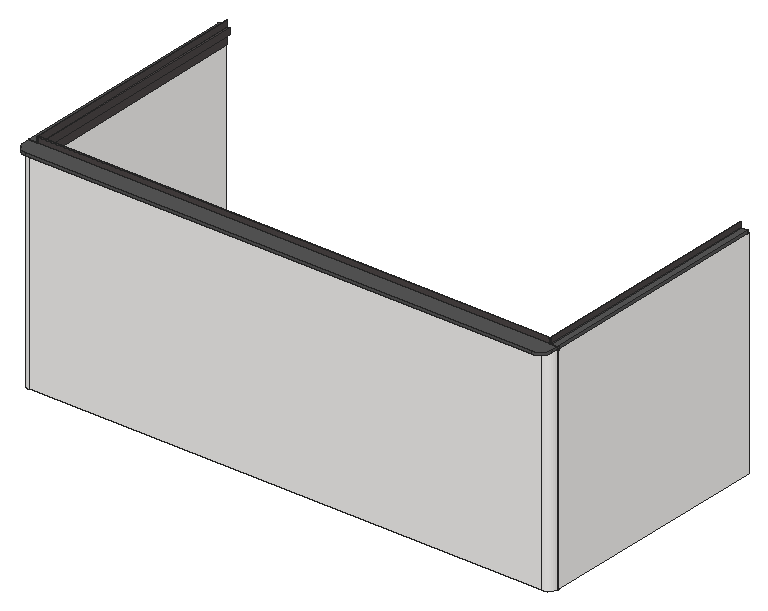
Revit family "vanity unit with 1 drawers for consoles with countertop basin ground", category Furniture, Revit 2019 (continued)
Definition of nested family "vanity unit 980_550 with 1 drawer for consoles with countertop basin ground-54059670-diamond matt grey-matt_black-400_co"
  Forms (mm)
    Extrusion 6, solid, visible <- "ContentVisible", detail levels medium+fine
      sketch origin (0, 0, 480) x (1, 0, 0) y (0, 1, 0)
        loop
          line (-463.5, -571) -> (463.5, -571)
          arc (463.5, -571) -> (481.178, -563.678) -> (488.5, -546) r 25
          line (488.5, -546) -> (488.5, -530) -> (468.5, -530) -> (468.5, -528.5) -> (-468.5, -528.5) -> (-468.5, -530) -> (-488.5, -530)
      from 0 to 5
    Extrusion 7, solid, visible <- "ContentVisible", detail levels medium+fine
      sketch origin (0, 0, 0) x (0, 0, -1) y (0, 1, 0)
        loop
          line (-480, -528.5) -> (-480, -530) -> (-450, -530) -> (-450, -528.5) -> (-480, -528.5)
      from -468.5 to 468.5
    Extrusion 8, solid, visible <- "ContentVisible", detail levels medium+fine
      sketch origin (0, 0, 0) x (1, 0, 0) y (0, 0, -1)
        loop
          line (-474, -447) -> (-474, -485) -> (-472.5, -485) -> (-472.5, -447) -> (-474, -447)
      from -530 to 0
    Extrusion 9, solid, visible <- "ContentVisible", detail levels medium+fine
      sketch origin (0, 0, 0) x (1, 0, 0) y (0, 0, -1)
        loop
          line (472.5, -446.8) -> (472.5, -485) -> (474, -485) -> (474, -446.8) -> (472.5, -446.8)
      from -530 to 0
    Extrusion 10, solid, visible <- "ContentVisible", detail levels medium+fine
      sketch origin (0, 0, 480) x (1, 0, 0) y (0, 1, 0)
        loop
          line (-490, -3) -> (-490, -527)
          arc (-490, -527) -> (-489.121, -529.121) -> (-487, -530) r 3
          line (-487, -530) -> (-474, -530) -> (-474, 0) -> (-487, 0)
          arc (-487, 0) -> (-489.121, -0.879) -> (-490, -3) r 3
      from 0 to 5
    Extrusion 11, solid, visible <- "ContentVisible", detail levels medium+fine
      sketch origin (0, 0, 480) x (1, 0, 0) y (0, 1, 0)
        loop
          line (474, 0) -> (474, -530) -> (487, -530)
          arc (487, -530) -> (489.121, -529.121) -> (490, -527) r 3
          line (490, -527) -> (490, -3)
          arc (490, -3) -> (489.121, -0.879) -> (487, 0) r 3
          line (487, 0) -> (474, 0)
      from 0 to 5
    Extrusion 12, solid, visible <- "ContentVisible", detail levels medium+fine
      sketch origin (0, 0, 0) x (1, 0, 0) y (0, 0, -1)
        loop
          line (-472.5, -447) -> (-472.5, -496) -> (-471, -496) -> (-471, -483) -> (-466.4, -483) -> (-466.4, -468.5) -> (-471, -468.5) -> (-471, -447) -> (-472.5, -447)
      from -528.5 to 0
    Extrusion 13, solid, visible <- "ContentVisible", detail levels medium+fine
      sketch origin (0, 0, 0) x (1, 0, 0) y (0, 0, -1)
        loop
          line (466.4, -468.5) -> (466.4, -483) -> (471, -483) -> (471, -496) -> (472.5, -496) -> (472.5, -447) -> (471, -447) -> (471, -468.5) -> (466.4, -468.5)
      from -528.5 to 0
    Extrusion 14, solid, visible <- "ContentVisible", detail levels medium+fine
      sketch origin (0, 0, 0) x (0, 0, -1) y (0, 1, 0)
        loop
          line (-496, -528.5) -> (-447, -528.5) -> (-447, -527) -> (-468.5, -527) -> (-468.5, -522.4) -> (-483, -522.4) -> (-483, -527) -> (-496, -527) -> (-496, -528.5)
      from -472.5 to 472.5
    Extrusion 15, solid, visible <- "ContentVisible", detail levels medium+fine
      sketch origin (0, 0, 0) x (0, 0, -1) y (0, 1, 0)
        loop
          line (-440, -477) -> (-440, -493) -> (-366, -493) -> (-366, -477) -> (-440, -477)
      from -474 to 474
    Extrusion 16, solid, visible <- "ContentVisible", detail levels coarse
      sketch origin (0, -285.5, 0) x (1, 0, 0) y (0, 1, 0)
        loop
          line (-490, -285.5) -> (490, -285.5) -> (490, 285.5) -> (-490, 285.5) -> (-490, -285.5)
      from 0 to 496
  Dimensions and locks
    aligned and locked: level to plane 2
Definition of nested family "vanity unit 980_550 with 1 drawer for consoles with countertop basin ground-54059700-diamond matt grey-matt_white-200_co"
  Parameters (values of type "Vanity unit 980_550 with 1 drawer for consoles with countertop basin ground-54059700-Diamond Matt Grey-MATT_WHITE-200_Co")
    etim7_EC011381 = "EC011381"
    WEIGHT = "30.2"
    UNSPSC = "56 | Furniture and Furnishings"
    UNIFORMATII = "E2010 | Fixed Furnishings"
    UNICLASS_2015_CODE = "40_30_78_05"
    UNICLASS2015 = "Pr_40_30_78_05 | Bathroom furniture"
    SURFACE = "MATT_WHITE"
    REGIONSET = "Worldwide"
    PRODUCTURL = "https://pro.hansgrohe.com/articledetail--54059000"
    PRODUCTGROUP = "vanity unit"
    PRODUCTFAMILY = "Xelu Q"
    PERMALINK = "54059XXX"
    OMNICLASS = "23-21 19 15 33 13 | Residential Bathroom Specialty Casework"
    OBJECTTYPE = "Object (single object)"
    OBERFLAECHE = "Diamond Matt Grey"
    NN = "Vanity Unit with 1 Drawers for consoles with countertop basin ground"
    NBSYN = "$BASENUMBER.-$ARTNR.-$OBERFLAECHE.-$SURFACE.-$LODLEVEL."
    NB = "Vanity unit 980/550 with 1 drawer for consoles with countertop basin ground-54059700-Diamond Matt Grey-MATT_WHITE-200"
    NAME = "Xelu Q Vanity unit Diamond Matt Grey 980/550 with 1 drawer for consoles with countertop basin ground"
    Model = "Vanity unit 980/550 with 1 drawer for consoles with countertop basin ground-54059700-Diamond Matt Grey-MATT_WHITE-200"
    Manufacturer = "Hansgrohe"
    MASTERFORMAT = "12 35 30.23 | Bathroom Casework"
    LODLEVEL = "200"
    LINA = "Vanity unit 980/550 with 1 drawer for consoles with countertop basin ground-54059700-Diamond Matt Grey-MATT_WHITE-200"
    L = 980
    IFC = "Furnishing element"
    GTINCODE = "4059625456187"
    ETIM = "EC011381 | Bathroom furniture set"
    Default Elevation = 1219.2 mm
    DESIGN = "Germany"
    ContentVisible [instance] = yes
    CATALOG = "Hansgrohe"
    BIMOBJECT = "Sanitary: Compound units"
    BASENUMBER = "Vanity unit 980/550 with 1 drawer for consoles with countertop basin ground"
    ARTNR = "54059700"
  Reference planes
    plane 1 "Center (Front/Back)": y = 0
    plane 2: z = 0
    plane 3 "Center (Left/Right)": x = 0
  Forms (mm)
    Extrusion 1, solid, visible <- "ContentVisible", detail levels medium+fine
      sketch origin (0, 0, 0) x (1, 0, 0) y (0, 1, 0)
        loop
          line (-490, 0) -> (-490, -551) -> (490, -551) -> (490, 0) -> (474, 0) -> (474, -117) -> (-474, -117) -> (-474, 0) -> (-490, 0)
      from 0 to 480
    Extrusion 2, solid, visible <- "ContentVisible", detail levels medium+fine
      sketch origin (0, 0, 480) x (1, 0, 0) y (0, 1, 0)
        loop
          line (-488.5, -528.5) -> (-488.5, -571) -> (488.5, -571) -> (488.5, -528.5) -> (-488.5, -528.5)
      from 0 to 5
    Extrusion 3, solid, visible <- "ContentVisible", detail levels medium+fine
      sketch origin (0, 0, 0) x (1, 0, 0) y (0, 0, -1)
        loop
          line (-474, -447) -> (-474, -485) -> (-472.5, -485) -> (-472.5, -447) -> (-474, -447)
      from -530 to 0
    Extrusion 4, solid, visible <- "ContentVisible", detail levels medium+fine
      sketch origin (0, 0, 0) x (1, 0, 0) y (0, 0, -1)
        loop
          line (472.5, -446.8) -> (472.5, -485) -> (474, -485) -> (474, -446.8) -> (472.5, -446.8)
      from -530 to 0
    Extrusion 5, solid, visible <- "ContentVisible", detail levels medium+fine
      sketch origin (0, 0, 480) x (1, 0, 0) y (0, 1, 0)
        loop
          line (-490, 0) -> (-490, -530) -> (-474, -530) -> (-474, 0) -> (-490, 0)
      from 0 to 5
    Extrusion 6, solid, visible <- "ContentVisible", detail levels medium+fine
      sketch origin (0, 0, 480) x (1, 0, 0) y (0, 1, 0)
        loop
          line (474, 0) -> (474, -530) -> (490, -530) -> (490, 0) -> (474, 0)
      from 0 to 5
    Extrusion 7, solid, visible <- "ContentVisible", detail levels medium+fine
      sketch origin (0, 0, 0) x (1, 0, 0) y (0, 0, -1)
        loop
          line (-472.5, -447) -> (-472.5, -496) -> (-466.4, -496) -> (-466.4, -447) -> (-472.5, -447)
      from -528.5 to 0
    Extrusion 8, solid, visible <- "ContentVisible", detail levels medium+fine
      sketch origin (0, 0, 0) x (1, 0, 0) y (0, 0, -1)
        loop
          line (466.4, -447) -> (466.4, -496) -> (472.5, -496) -> (472.5, -447) -> (466.4, -447)
      from -528.5 to 0
    Extrusion 9, solid, visible <- "ContentVisible", detail levels medium+fine
      sketch origin (0, 0, 0) x (0, 0, -1) y (0, 1, 0)
        loop
          line (-496, -528.5) -> (-447, -528.5) -> (-447, -522.4) -> (-496, -522.4) -> (-496, -528.5)
      from -472.5 to 472.5
    Extrusion 10, solid, visible <- "ContentVisible", detail levels coarse
      sketch origin (0, -285.5, 0) x (1, 0, 0) y (0, 1, 0)
        loop
          line (-490, -285.5) -> (490, -285.5) -> (490, 285.5) -> (-490, 285.5) -> (-490, -285.5)
      from 0 to 496
  Dimensions and locks
    aligned and locked: level to plane 2
Definition of nested family "vanity unit 980_550 with 1 drawer for consoles with countertop basin ground-54059700-diamond matt grey-matt_white-400_co"
  Parameters (values of type "Vanity unit 980_550 with 1 drawer for consoles with countertop basin ground-54059700-Diamond Matt Grey-MATT_WHITE-400_Co")
    etim7_EC011381 = "EC011381"
    WEIGHT = "30.2"
    UNSPSC = "56 | Furniture and Furnishings"
    UNIFORMATII = "E2010 | Fixed Furnishings"
    UNICLASS_2015_CODE = "40_30_78_05"
    UNICLASS2015 = "Pr_40_30_78_05 | Bathroom furniture"
    SURFACE = "MATT_WHITE"
    REGIONSET = "Worldwide"
    PRODUCTURL = "https://pro.hansgrohe.com/articledetail--54059000"
    PRODUCTGROUP = "vanity unit"
    PRODUCTFAMILY = "Xelu Q"
    PERMALINK = "54059XXX"
    OMNICLASS = "23-21 19 15 33 13 | Residential Bathroom Specialty Casework"
    OBJECTTYPE = "Object (single object)"
    OBERFLAECHE = "Diamond Matt Grey"
    NN = "Vanity Unit with 1 Drawers for consoles with countertop basin ground"
    NBSYN = "$BASENUMBER.-$ARTNR.-$OBERFLAECHE.-$SURFACE.-$LODLEVEL."
    NB = "Vanity unit 980/550 with 1 drawer for consoles with countertop basin ground-54059700-Diamond Matt Grey-MATT_WHITE-400"
    NAME = "Xelu Q Vanity unit Diamond Matt Grey 980/550 with 1 drawer for consoles with countertop basin ground"
    Model = "Vanity unit 980/550 with 1 drawer for consoles with countertop basin ground-54059700-Diamond Matt Grey-MATT_WHITE-400"
    Manufacturer = "Hansgrohe"
    MASTERFORMAT = "12 35 30.23 | Bathroom Casework"
    LODLEVEL = "400"
    LINA = "Vanity unit 980/550 with 1 drawer for consoles with countertop basin ground-54059700-Diamond Matt Grey-MATT_WHITE-400"
    L = 980
    IFC = "Furnishing element"
    GTINCODE = "4059625456187"
    ETIM = "EC011381 | Bathroom furniture set"
    Default Elevation = 1219.2 mm
    DESIGN = "Germany"
    ContentVisible [instance] = yes
    CATALOG = "Hansgrohe"
    BIMOBJECT = "Sanitary: Compound units"
    BASENUMBER = "Vanity unit 980/550 with 1 drawer for consoles with countertop basin ground"
    ARTNR = "54059700"
  Reference planes
    plane 1 "Center (Front/Back)": y = 0
    plane 2: z = 0
    plane 3 "Center (Left/Right)": x = 0
  Forms (mm)
    Extrusion 1, solid, visible <- "ContentVisible", detail levels medium+fine
      sketch origin (0, 0, 0) x (1, 0, 0) y (0, 1, 0)
        loop
          line (-490, 0) -> (-490, -527)
          arc (-490, -527) -> (-489.121, -529.121) -> (-487, -530) r 3
          line (-487, -530) -> (-474, -530) -> (-474, 0) -> (-490, 0)
      from 0 to 480
    Extrusion 2, solid, visible <- "ContentVisible", detail levels medium+fine
      sketch origin (0, 0, 0) x (1, 0, 0) y (0, 1, 0)
        loop
          line (-474, -133) -> (-474, -499.5) -> (474, -499.5) -> (474, -133) -> (-474, -133)
      from 0 to 16
    Extrusion 3, solid, visible <- "ContentVisible", detail levels medium+fine
      sketch origin (0, 0, 0) x (1, 0, 0) y (0, 1, 0)
        loop
          line (474, 0) -> (474, -530) -> (487, -530)
          arc (487, -530) -> (489.121, -529.121) -> (490, -527) r 3
          line (490, -527) -> (490, 0) -> (474, 0)
      from 0 to 480
    Extrusion 4, solid, visible <- "ContentVisible", detail levels medium+fine
      sketch origin (0, 0, 0) x (1, 0, 0) y (0, 1, 0)
        loop
          line (-474, -117) -> (-474, -133) -> (474, -133) -> (474, -117) -> (-474, -117)
      from 0 to 126
    Extrusion 5, solid, visible <- "ContentVisible", detail levels medium+fine
      sketch origin (0, 0, 2) x (1, 0, 0) y (0, 1, 0)
        loop
          line (-490, -530) -> (-490, -532)
          arc (-490, -532) -> (-484.435, -545.435) -> (-471, -551) r 19
          line (-471, -551) -> (471, -551)
          arc (471, -551) -> (484.435, -545.435) -> (490, -532) r 19
          line (490, -532) -> (490, -530) -> (-490, -530)
      from 0 to 478
    Extrusion 6, solid, visible <- "ContentVisible", detail levels medium+fine
      sketch origin (0, 0, 480) x (1, 0, 0) y (0, 1, 0)
        loop
          line (-488.5, -530) -> (-488.5, -546)
          arc (-488.5, -546) -> (-481.178, -563.678) -> (-463.5, -571) r 25
          line (-463.5, -571) -> (463.5, -571)
          arc (463.5, -571) -> (481.178, -563.678) -> (488.5, -546) r 25
          line (488.5, -546) -> (488.5, -530) -> (468.5, -530) -> (468.5, -528.5) -> (-468.5, -528.5) -> (-468.5, -530) -> (-488.5, -530)
      from 0 to 5
    Extrusion 7, solid, visible <- "ContentVisible", detail levels medium+fine
      sketch origin (0, 0, 0) x (0, 0, -1) y (0, 1, 0)
        loop
          line (-480, -528.5) -> (-480, -530) -> (-450, -530) -> (-450, -528.5) -> (-480, -528.5)
      from -468.5 to 468.5
    Extrusion 8, solid, visible <- "ContentVisible", detail levels medium+fine
      sketch origin (0, 0, 0) x (1, 0, 0) y (0, 0, -1)
        loop
          line (-474, -447) -> (-474, -485) -> (-472.5, -485) -> (-472.5, -447) -> (-474, -447)
      from -530 to 0
    Extrusion 9, solid, visible <- "ContentVisible", detail levels medium+fine
      sketch origin (0, 0, 0) x (1, 0, 0) y (0, 0, -1)
        loop
          line (472.5, -446.8) -> (472.5, -485) -> (474, -485) -> (474, -446.8) -> (472.5, -446.8)
      from -530 to 0
    Extrusion 10, solid, visible <- "ContentVisible", detail levels medium+fine
      sketch origin (0, 0, 480) x (1, 0, 0) y (0, 1, 0)
        loop
          line (-490, -3) -> (-490, -527)
          arc (-490, -527) -> (-489.121, -529.121) -> (-487, -530) r 3
          line (-487, -530) -> (-474, -530) -> (-474, 0) -> (-487, 0)
          arc (-487, 0) -> (-489.121, -0.879) -> (-490, -3) r 3
      from 0 to 5
    Extrusion 11, solid, visible <- "ContentVisible", detail levels medium+fine
      sketch origin (0, 0, 480) x (1, 0, 0) y (0, 1, 0)
        loop
          line (474, 0) -> (474, -530) -> (487, -530)
          arc (487, -530) -> (489.121, -529.121) -> (490, -527) r 3
          line (490, -527) -> (490, -3)
          arc (490, -3) -> (489.121, -0.879) -> (487, 0) r 3
          line (487, 0) -> (474, 0)
      from 0 to 5
    Extrusion 12, solid, visible <- "ContentVisible", detail levels medium+fine
      sketch origin (0, 0, 0) x (1, 0, 0) y (0, 0, -1)
        loop
          line (-472.5, -447) -> (-472.5, -496) -> (-471, -496) -> (-471, -483) -> (-466.4, -483) -> (-466.4, -468.5) -> (-471, -468.5) -> (-471, -447) -> (-472.5, -447)
      from -528.5 to 0
    Extrusion 13, solid, visible <- "ContentVisible", detail levels medium+fine
      sketch origin (0, 0, 0) x (1, 0, 0) y (0, 0, -1)
        loop
          line (466.4, -468.5) -> (466.4, -483) -> (471, -483) -> (471, -496) -> (472.5, -496) -> (472.5, -447) -> (471, -447) -> (471, -468.5) -> (466.4, -468.5)
      from -528.5 to 0
    Extrusion 14, solid, visible <- "ContentVisible", detail levels medium+fine
      sketch origin (0, 0, 0) x (0, 0, -1) y (0, 1, 0)
        loop
          line (-496, -528.5) -> (-447, -528.5) -> (-447, -527) -> (-468.5, -527) -> (-468.5, -522.4) -> (-483, -522.4) -> (-483, -527) -> (-496, -527) -> (-496, -528.5)
      from -472.5 to 472.5
    Extrusion 15, solid, visible <- "ContentVisible", detail levels medium+fine
      sketch origin (0, 0, 0) x (0, 0, -1) y (0, 1, 0)
        loop
          line (-440, -477) -> (-440, -493) -> (-366, -493) -> (-366, -477) -> (-440, -477)
      from -474 to 474
    Extrusion 16, solid, visible <- "ContentVisible", detail levels coarse
      sketch origin (0, -285.5, 0) x (1, 0, 0) y (0, 1, 0)
        loop
          line (-490, -285.5) -> (490, -285.5) -> (490, 285.5) -> (-490, 285.5) -> (-490, -285.5)
      from 0 to 496
  Dimensions and locks
    aligned and locked: level to plane 2
Definition of nested family "vanity unit 980_550 with 1 drawer for consoles with countertop basin ground-54060000-natural oak-chrome-200_content"
  Parameters (values of type "Vanity unit 980_550 with 1 drawer for consoles with countertop basin ground-54060000-Natural Oak-CHROME-200_Content")
    etim7_EC011381 = "EC011381"
    WEIGHT = "30.2"
    UNSPSC = "56 | Furniture and Furnishings"
    UNIFORMATII = "E2010 | Fixed Furnishings"
    UNICLASS_2015_CODE = "40_30_78_05"
    UNICLASS2015 = "Pr_40_30_78_05 | Bathroom furniture"
    SURFACE = "CHROME"
    REGIONSET = "Worldwide"
    PRODUCTURL = "https://pro.hansgrohe.com/articledetail--54060000"
    PRODUCTGROUP = "vanity unit"
    PRODUCTFAMILY = "Xelu Q"
    PERMALINK = "54060XXX"
    OMNICLASS = "23-21 19 15 33 13 | Residential Bathroom Specialty Casework"
    OBJECTTYPE = "Object (single object)"
    OBERFLAECHE = "Natural Oak"
    NN = "Vanity Unit with 1 Drawers for consoles with countertop basin ground"
    NBSYN = "$BASENUMBER.-$ARTNR.-$OBERFLAECHE.-$SURFACE.-$LODLEVEL."
    NB = "Vanity unit 980/550 with 1 drawer for consoles with countertop basin ground-54060000-Natural Oak-CHROME-200"
    NAME = "Xelu Q Vanity unit Natural Oak 980/550 with 1 drawer for consoles with countertop basin ground"
    Model = "Vanity unit 980/550 with 1 drawer for consoles with countertop basin ground-54060000-Natural Oak-CHROME-200"
    Manufacturer = "Hansgrohe"
    MASTERFORMAT = "12 35 30.23 | Bathroom Casework"
    LODLEVEL = "200"
    LINA = "Vanity unit 980/550 with 1 drawer for consoles with countertop basin ground-54060000-Natural Oak-CHROME-200"
    L = 980
    IFC = "Furnishing element"
    GTINCODE = "4059625456156"
    ETIM = "EC011381 | Bathroom furniture set"
    Default Elevation = 1219.2 mm
    DESIGN = "Germany"
    ContentVisible [instance] = yes
    CATALOG = "Hansgrohe"
    BIMOBJECT = "Sanitary: Compound units"
    BASENUMBER = "Vanity unit 980/550 with 1 drawer for consoles with countertop basin ground"
    ARTNR = "54060000"
  Reference planes
    plane 1 "Center (Front/Back)": y = 0
    plane 2: z = 0
    plane 3 "Center (Left/Right)": x = 0
  Forms (mm)
    Extrusion 1, solid, visible <- "ContentVisible", detail levels medium+fine
      sketch origin (0, 0, 0) x (1, 0, 0) y (0, 1, 0)
        loop
          line (-490, 0) -> (-490, -551) -> (490, -551) -> (490, 0) -> (474, 0) -> (474, -117) -> (-474, -117) -> (-474, 0) -> (-490, 0)
      from 0 to 480
    Extrusion 2, solid, visible <- "ContentVisible", detail levels medium+fine
      sketch origin (0, 0, 480) x (1, 0, 0) y (0, 1, 0)
        loop
          line (-488.5, -528.5) -> (-488.5, -571) -> (488.5, -571) -> (488.5, -528.5) -> (-488.5, -528.5)
      from 0 to 5
    Extrusion 3, solid, visible <- "ContentVisible", detail levels medium+fine
      sketch origin (0, 0, 0) x (1, 0, 0) y (0, 0, -1)
        loop
          line (-474, -447) -> (-474, -485) -> (-472.5, -485) -> (-472.5, -447) -> (-474, -447)
      from -530 to 0
    Extrusion 4, solid, visible <- "ContentVisible", detail levels medium+fine
      sketch origin (0, 0, 0) x (1, 0, 0) y (0, 0, -1)
        loop
          line (472.5, -446.8) -> (472.5, -485) -> (474, -485) -> (474, -446.8) -> (472.5, -446.8)
      from -530 to 0
    Extrusion 5, solid, visible <- "ContentVisible", detail levels medium+fine
      sketch origin (0, 0, 480) x (1, 0, 0) y (0, 1, 0)
        loop
          line (-490, 0) -> (-490, -530) -> (-474, -530) -> (-474, 0) -> (-490, 0)
      from 0 to 5
    Extrusion 6, solid, visible <- "ContentVisible", detail levels medium+fine
      sketch origin (0, 0, 480) x (1, 0, 0) y (0, 1, 0)
        loop
          line (474, 0) -> (474, -530) -> (490, -530) -> (490, 0) -> (474, 0)
      from 0 to 5
    Extrusion 7, solid, visible <- "ContentVisible", detail levels medium+fine
      sketch origin (0, 0, 0) x (1, 0, 0) y (0, 0, -1)
        loop
          line (-472.5, -447) -> (-472.5, -496) -> (-466.4, -496) -> (-466.4, -447) -> (-472.5, -447)
      from -528.5 to 0
    Extrusion 8, solid, visible <- "ContentVisible", detail levels medium+fine
      sketch origin (0, 0, 0) x (1, 0, 0) y (0, 0, -1)
        loop
          line (466.4, -447) -> (466.4, -496) -> (472.5, -496) -> (472.5, -447) -> (466.4, -447)
      from -528.5 to 0
    Extrusion 9, solid, visible <- "ContentVisible", detail levels medium+fine
      sketch origin (0, 0, 0) x (0, 0, -1) y (0, 1, 0)
        loop
          line (-496, -528.5) -> (-447, -528.5) -> (-447, -522.4) -> (-496, -522.4) -> (-496, -528.5)
      from -472.5 to 472.5
    Extrusion 10, solid, visible <- "ContentVisible", detail levels coarse
      sketch origin (0, -285.5, 0) x (1, 0, 0) y (0, 1, 0)
        loop
          line (-490, -285.5) -> (490, -285.5) -> (490, 285.5) -> (-490, 285.5) -> (-490, -285.5)
      from 0 to 496
  Dimensions and locks
    aligned and locked: level to plane 2
Definition of nested family "vanity unit 980_550 with 1 drawer for consoles with countertop basin ground-54060000-natural oak-chrome-400_content"
  Parameters (values of type "Vanity unit 980_550 with 1 drawer for consoles with countertop basin ground-54060000-Natural Oak-CHROME-400_Content")
    etim7_EC011381 = "EC011381"
    WEIGHT = "30.2"
    UNSPSC = "56 | Furniture and Furnishings"
    UNIFORMATII = "E2010 | Fixed Furnishings"
    UNICLASS_2015_CODE = "40_30_78_05"
    UNICLASS2015 = "Pr_40_30_78_05 | Bathroom furniture"
    SURFACE = "CHROME"
    REGIONSET = "Worldwide"
    PRODUCTURL = "https://pro.hansgrohe.com/articledetail--54060000"
    PRODUCTGROUP = "vanity unit"
    PRODUCTFAMILY = "Xelu Q"
    PERMALINK = "54060XXX"
    OMNICLASS = "23-21 19 15 33 13 | Residential Bathroom Specialty Casework"
    OBJECTTYPE = "Object (single object)"
    OBERFLAECHE = "Natural Oak"
    NN = "Vanity Unit with 1 Drawers for consoles with countertop basin ground"
    NBSYN = "$BASENUMBER.-$ARTNR.-$OBERFLAECHE.-$SURFACE.-$LODLEVEL."
    NB = "Vanity unit 980/550 with 1 drawer for consoles with countertop basin ground-54060000-Natural Oak-CHROME-400"
    NAME = "Xelu Q Vanity unit Natural Oak 980/550 with 1 drawer for consoles with countertop basin ground"
    Model = "Vanity unit 980/550 with 1 drawer for consoles with countertop basin ground-54060000-Natural Oak-CHROME-400"
    Manufacturer = "Hansgrohe"
    MASTERFORMAT = "12 35 30.23 | Bathroom Casework"
    LODLEVEL = "400"
    LINA = "Vanity unit 980/550 with 1 drawer for consoles with countertop basin ground-54060000-Natural Oak-CHROME-400"
    L = 980
    IFC = "Furnishing element"
    GTINCODE = "4059625456156"
    ETIM = "EC011381 | Bathroom furniture set"
    Default Elevation = 1219.2 mm
    DESIGN = "Germany"
    ContentVisible [instance] = yes
    CATALOG = "Hansgrohe"
    BIMOBJECT = "Sanitary: Compound units"
    BASENUMBER = "Vanity unit 980/550 with 1 drawer for consoles with countertop basin ground"
    ARTNR = "54060000"
  Reference planes
    plane 1 "Center (Front/Back)": y = 0
    plane 2: z = 0
    plane 3 "Center (Left/Right)": x = 0
  Forms (mm)
    Extrusion 1, solid, visible <- "ContentVisible", detail levels medium+fine
      sketch origin (0, 0, 0) x (1, 0, 0) y (0, 1, 0)
        loop
          line (-490, 0) -> (-490, -527)
          arc (-490, -527) -> (-489.121, -529.121) -> (-487, -530) r 3
          line (-487, -530) -> (-474, -530) -> (-474, 0) -> (-490, 0)
      from 0 to 480
    Extrusion 2, solid, visible <- "ContentVisible", detail levels medium+fine
      sketch origin (0, 0, 0) x (1, 0, 0) y (0, 1, 0)
        loop
          line (-474, -133) -> (-474, -499.5) -> (474, -499.5) -> (474, -133) -> (-474, -133)
      from 0 to 16
    Extrusion 3, solid, visible <- "ContentVisible", detail levels medium+fine
      sketch origin (0, 0, 0) x (1, 0, 0) y (0, 1, 0)
        loop
          line (474, 0) -> (474, -530) -> (487, -530)
          arc (487, -530) -> (489.121, -529.121) -> (490, -527) r 3
          line (490, -527) -> (490, 0) -> (474, 0)
      from 0 to 480
    Extrusion 4, solid, visible <- "ContentVisible", detail levels medium+fine
      sketch origin (0, 0, 0) x (1, 0, 0) y (0, 1, 0)
        loop
          line (-474, -117) -> (-474, -133) -> (474, -133) -> (474, -117) -> (-474, -117)
      from 0 to 126
    Extrusion 5, solid, visible <- "ContentVisible", detail levels medium+fine
      sketch origin (0, 0, 2) x (1, 0, 0) y (0, 1, 0)
        loop
          line (-490, -530) -> (-490, -532)
          arc (-490, -532) -> (-484.435, -545.435) -> (-471, -551) r 19
          line (-471, -551) -> (471, -551)
          arc (471, -551) -> (484.435, -545.435) -> (490, -532) r 19
          line (490, -532) -> (490, -530) -> (-490, -530)
      from 0 to 478
    Extrusion 6, solid, visible <- "ContentVisible", detail levels medium+fine
      sketch origin (0, 0, 480) x (1, 0, 0) y (0, 1, 0)
        loop
          line (-488.5, -530) -> (-488.5, -546)
          arc (-488.5, -546) -> (-481.178, -563.678) -> (-463.5, -571) r 25
          line (-463.5, -571) -> (463.5, -571)
          arc (463.5, -571) -> (481.178, -563.678) -> (488.5, -546) r 25
          line (488.5, -546) -> (488.5, -530) -> (468.5, -530) -> (468.5, -528.5) -> (-468.5, -528.5) -> (-468.5, -530) -> (-488.5, -530)
      from 0 to 5
    Extrusion 7, solid, visible <- "ContentVisible", detail levels medium+fine
      sketch origin (0, 0, 0) x (0, 0, -1) y (0, 1, 0)
        loop
          line (-480, -528.5) -> (-480, -530) -> (-450, -530) -> (-450, -528.5) -> (-480, -528.5)
      from -468.5 to 468.5
    Extrusion 8, solid, visible <- "ContentVisible", detail levels medium+fine
      sketch origin (0, 0, 0) x (1, 0, 0) y (0, 0, -1)
        loop
          line (-474, -447) -> (-474, -485) -> (-472.5, -485) -> (-472.5, -447) -> (-474, -447)
      from -530 to 0
    Extrusion 9, solid, visible <- "ContentVisible", detail levels medium+fine
      sketch origin (0, 0, 0) x (1, 0, 0) y (0, 0, -1)
        loop
          line (472.5, -446.8) -> (472.5, -485) -> (474, -485) -> (474, -446.8) -> (472.5, -446.8)
      from -530 to 0
    Extrusion 10, solid, visible <- "ContentVisible", detail levels medium+fine
      sketch origin (0, 0, 480) x (1, 0, 0) y (0, 1, 0)
        loop
          line (-490, -3) -> (-490, -527)
          arc (-490, -527) -> (-489.121, -529.121) -> (-487, -530) r 3
          line (-487, -530) -> (-474, -530) -> (-474, 0) -> (-487, 0)
          arc (-487, 0) -> (-489.121, -0.879) -> (-490, -3) r 3
      from 0 to 5
    Extrusion 11, solid, visible <- "ContentVisible", detail levels medium+fine
      sketch origin (0, 0, 480) x (1, 0, 0) y (0, 1, 0)
        loop
          line (474, 0) -> (474, -530) -> (487, -530)
          arc (487, -530) -> (489.121, -529.121) -> (490, -527) r 3
          line (490, -527) -> (490, -3)
          arc (490, -3) -> (489.121, -0.879) -> (487, 0) r 3
          line (487, 0) -> (474, 0)
      from 0 to 5
    Extrusion 12, solid, visible <- "ContentVisible", detail levels medium+fine
      sketch origin (0, 0, 0) x (1, 0, 0) y (0, 0, -1)
        loop
          line (-472.5, -447) -> (-472.5, -496) -> (-471, -496) -> (-471, -483) -> (-466.4, -483) -> (-466.4, -468.5) -> (-471, -468.5) -> (-471, -447) -> (-472.5, -447)
      from -528.5 to 0
    Extrusion 13, solid, visible <- "ContentVisible", detail levels medium+fine
      sketch origin (0, 0, 0) x (1, 0, 0) y (0, 0, -1)
        loop
          line (466.4, -468.5) -> (466.4, -483) -> (471, -483) -> (471, -496) -> (472.5, -496) -> (472.5, -447) -> (471, -447) -> (471, -468.5) -> (466.4, -468.5)
      from -528.5 to 0
    Extrusion 14, solid, visible <- "ContentVisible", detail levels medium+fine
      sketch origin (0, 0, 0) x (0, 0, -1) y (0, 1, 0)
        loop
          line (-496, -528.5) -> (-447, -528.5) -> (-447, -527) -> (-468.5, -527) -> (-468.5, -522.4) -> (-483, -522.4) -> (-483, -527) -> (-496, -527) -> (-496, -528.5)
      from -472.5 to 472.5
    Extrusion 15, solid, visible <- "ContentVisible", detail levels medium+fine
      sketch origin (0, 0, 0) x (0, 0, -1) y (0, 1, 0)
        loop
          line (-440, -477) -> (-440, -493) -> (-366, -493) -> (-366, -477) -> (-440, -477)
      from -474 to 474
    Extrusion 16, solid, visible <- "ContentVisible", detail levels coarse
      sketch origin (0, -285.5, 0) x (1, 0, 0) y (0, 1, 0)
        loop
          line (-490, -285.5) -> (490, -285.5) -> (490, 285.5) -> (-490, 285.5) -> (-490, -285.5)
      from 0 to 496
  Dimensions and locks
    aligned and locked: level to plane 2
Definition of nested family "vanity unit 980_550 with 1 drawer for consoles with countertop basin ground-54060670-natural oak-matt_black-200_content"
  Parameters (values of type "Vanity unit 980_550 with 1 drawer for consoles with countertop basin ground-54060670-Natural Oak-MATT_BLACK-200_Content")
    etim7_EC011381 = "EC011381"
    WEIGHT = "30.2"
    UNSPSC = "56 | Furniture and Furnishings"
    UNIFORMATII = "E2010 | Fixed Furnishings"
    UNICLASS_2015_CODE = "40_30_78_05"
    UNICLASS2015 = "Pr_40_30_78_05 | Bathroom furniture"
    SURFACE = "MATT_BLACK"
    REGIONSET = "Worldwide"
    PRODUCTURL = "https://pro.hansgrohe.com/articledetail--54060000"
    PRODUCTGROUP = "vanity unit"
    PRODUCTFAMILY = "Xelu Q"
    PERMALINK = "54060XXX"
    OMNICLASS = "23-21 19 15 33 13 | Residential Bathroom Specialty Casework"
    OBJECTTYPE = "Object (single object)"
    OBERFLAECHE = "Natural Oak"
    NN = "Vanity Unit with 1 Drawers for consoles with countertop basin ground"
    NBSYN = "$BASENUMBER.-$ARTNR.-$OBERFLAECHE.-$SURFACE.-$LODLEVEL."
    NB = "Vanity unit 980/550 with 1 drawer for consoles with countertop basin ground-54060670-Natural Oak-MATT_BLACK-200"
    NAME = "Xelu Q Vanity unit Natural Oak 980/550 with 1 drawer for consoles with countertop basin ground"
    Model = "Vanity unit 980/550 with 1 drawer for consoles with countertop basin ground-54060670-Natural Oak-MATT_BLACK-200"
    Manufacturer = "Hansgrohe"
    MASTERFORMAT = "12 35 30.23 | Bathroom Casework"
    LODLEVEL = "200"
    LINA = "Vanity unit 980/550 with 1 drawer for consoles with countertop basin ground-54060670-Natural Oak-MATT_BLACK-200"
    L = 980
    IFC = "Furnishing element"
    GTINCODE = "4059625456156"
    ETIM = "EC011381 | Bathroom furniture set"
    Default Elevation = 1219.2 mm
    DESIGN = "Germany"
    ContentVisible [instance] = yes
    CATALOG = "Hansgrohe"
    BIMOBJECT = "Sanitary: Compound units"
    BASENUMBER = "Vanity unit 980/550 with 1 drawer for consoles with countertop basin ground"
    ARTNR = "54060670"
  Reference planes
    plane 1 "Center (Front/Back)": y = 0
    plane 2: z = 0
    plane 3 "Center (Left/Right)": x = 0
  Forms (mm)
    Extrusion 1, solid, visible <- "ContentVisible", detail levels medium+fine
      sketch origin (0, 0, 0) x (1, 0, 0) y (0, 1, 0)
        loop
          line (-490, 0) -> (-490, -551) -> (490, -551) -> (490, 0) -> (474, 0) -> (474, -117) -> (-474, -117) -> (-474, 0) -> (-490, 0)
      from 0 to 480
    Extrusion 2, solid, visible <- "ContentVisible", detail levels medium+fine
      sketch origin (0, 0, 480) x (1, 0, 0) y (0, 1, 0)
        loop
          line (-488.5, -528.5) -> (-488.5, -571) -> (488.5, -571) -> (488.5, -528.5) -> (-488.5, -528.5)
      from 0 to 5
    Extrusion 3, solid, visible <- "ContentVisible", detail levels medium+fine
      sketch origin (0, 0, 0) x (1, 0, 0) y (0, 0, -1)
        loop
          line (-474, -447) -> (-474, -485) -> (-472.5, -485) -> (-472.5, -447) -> (-474, -447)
      from -530 to 0
    Extrusion 4, solid, visible <- "ContentVisible", detail levels medium+fine
      sketch origin (0, 0, 0) x (1, 0, 0) y (0, 0, -1)
        loop
          line (472.5, -446.8) -> (472.5, -485) -> (474, -485) -> (474, -446.8) -> (472.5, -446.8)
      from -530 to 0
    Extrusion 5, solid, visible <- "ContentVisible", detail levels medium+fine
      sketch origin (0, 0, 480) x (1, 0, 0) y (0, 1, 0)
        loop
          line (-490, 0) -> (-490, -530) -> (-474, -530) -> (-474, 0) -> (-490, 0)
      from 0 to 5
    Extrusion 6, solid, visible <- "ContentVisible", detail levels medium+fine
      sketch origin (0, 0, 480) x (1, 0, 0) y (0, 1, 0)
        loop
          line (474, 0) -> (474, -530) -> (490, -530) -> (490, 0) -> (474, 0)
      from 0 to 5
    Extrusion 7, solid, visible <- "ContentVisible", detail levels medium+fine
      sketch origin (0, 0, 0) x (1, 0, 0) y (0, 0, -1)
        loop
          line (-472.5, -447) -> (-472.5, -496) -> (-466.4, -496) -> (-466.4, -447) -> (-472.5, -447)
      from -528.5 to 0
    Extrusion 8, solid, visible <- "ContentVisible", detail levels medium+fine
      sketch origin (0, 0, 0) x (1, 0, 0) y (0, 0, -1)
        loop
          line (466.4, -447) -> (466.4, -496) -> (472.5, -496) -> (472.5, -447) -> (466.4, -447)
      from -528.5 to 0
    Extrusion 9, solid, visible <- "ContentVisible", detail levels medium+fine
      sketch origin (0, 0, 0) x (0, 0, -1) y (0, 1, 0)
        loop
          line (-496, -528.5) -> (-447, -528.5) -> (-447, -522.4) -> (-496, -522.4) -> (-496, -528.5)
      from -472.5 to 472.5
    Extrusion 10, solid, visible <- "ContentVisible", detail levels coarse
      sketch origin (0, -285.5, 0) x (1, 0, 0) y (0, 1, 0)
        loop
          line (-490, -285.5) -> (490, -285.5) -> (490, 285.5) -> (-490, 285.5) -> (-490, -285.5)
      from 0 to 496
  Dimensions and locks
    aligned and locked: level to plane 2
Definition of nested family "vanity unit 980_550 with 1 drawer for consoles with countertop basin ground-54060670-natural oak-matt_black-400_content"
  Parameters (values of type "Vanity unit 980_550 with 1 drawer for consoles with countertop basin ground-54060670-Natural Oak-MATT_BLACK-400_Content")
    etim7_EC011381 = "EC011381"
    WEIGHT = "30.2"
    UNSPSC = "56 | Furniture and Furnishings"
    UNIFORMATII = "E2010 | Fixed Furnishings"
    UNICLASS_2015_CODE = "40_30_78_05"
    UNICLASS2015 = "Pr_40_30_78_05 | Bathroom furniture"
    SURFACE = "MATT_BLACK"
    REGIONSET = "Worldwide"
    PRODUCTURL = "https://pro.hansgrohe.com/articledetail--54060000"
    PRODUCTGROUP = "vanity unit"
    PRODUCTFAMILY = "Xelu Q"
    PERMALINK = "54060XXX"
    OMNICLASS = "23-21 19 15 33 13 | Residential Bathroom Specialty Casework"
    OBJECTTYPE = "Object (single object)"
    OBERFLAECHE = "Natural Oak"
    NN = "Vanity Unit with 1 Drawers for consoles with countertop basin ground"
    NBSYN = "$BASENUMBER.-$ARTNR.-$OBERFLAECHE.-$SURFACE.-$LODLEVEL."
    NB = "Vanity unit 980/550 with 1 drawer for consoles with countertop basin ground-54060670-Natural Oak-MATT_BLACK-400"
    NAME = "Xelu Q Vanity unit Natural Oak 980/550 with 1 drawer for consoles with countertop basin ground"
    Model = "Vanity unit 980/550 with 1 drawer for consoles with countertop basin ground-54060670-Natural Oak-MATT_BLACK-400"
    Manufacturer = "Hansgrohe"
    MASTERFORMAT = "12 35 30.23 | Bathroom Casework"
    LODLEVEL = "400"
    LINA = "Vanity unit 980/550 with 1 drawer for consoles with countertop basin ground-54060670-Natural Oak-MATT_BLACK-400"
    L = 980
    IFC = "Furnishing element"
    GTINCODE = "4059625456156"
    ETIM = "EC011381 | Bathroom furniture set"
    Default Elevation = 1219.2 mm
    DESIGN = "Germany"
    ContentVisible [instance] = yes
    CATALOG = "Hansgrohe"
    BIMOBJECT = "Sanitary: Compound units"
    BASENUMBER = "Vanity unit 980/550 with 1 drawer for consoles with countertop basin ground"
    ARTNR = "54060670"
  Reference planes
    plane 1 "Center (Front/Back)": y = 0
    plane 2: z = 0
    plane 3 "Center (Left/Right)": x = 0
  Forms (mm)
    Extrusion 1, solid, visible <- "ContentVisible", detail levels medium+fine
      sketch origin (0, 0, 0) x (1, 0, 0) y (0, 1, 0)
        loop
          line (-490, 0) -> (-490, -527)
          arc (-490, -527) -> (-489.121, -529.121) -> (-487, -530) r 3
          line (-487, -530) -> (-474, -530) -> (-474, 0) -> (-490, 0)
      from 0 to 480
    Extrusion 2, solid, visible <- "ContentVisible", detail levels medium+fine
      sketch origin (0, 0, 0) x (1, 0, 0) y (0, 1, 0)
        loop
          line (-474, -133) -> (-474, -499.5) -> (474, -499.5) -> (474, -133) -> (-474, -133)
      from 0 to 16
    Extrusion 3, solid, visible <- "ContentVisible", detail levels medium+fine
      sketch origin (0, 0, 0) x (1, 0, 0) y (0, 1, 0)
        loop
          line (474, 0) -> (474, -530) -> (487, -530)
          arc (487, -530) -> (489.121, -529.121) -> (490, -527) r 3
          line (490, -527) -> (490, 0) -> (474, 0)
      from 0 to 480
    Extrusion 4, solid, visible <- "ContentVisible", detail levels medium+fine
      sketch origin (0, 0, 0) x (1, 0, 0) y (0, 1, 0)
        loop
          line (-474, -117) -> (-474, -133) -> (474, -133) -> (474, -117) -> (-474, -117)
      from 0 to 126
    Extrusion 5, solid, visible <- "ContentVisible", detail levels medium+fine
      sketch origin (0, 0, 2) x (1, 0, 0) y (0, 1, 0)
        loop
          line (-490, -530) -> (-490, -532)
          arc (-490, -532) -> (-484.435, -545.435) -> (-471, -551) r 19
          line (-471, -551) -> (471, -551)
          arc (471, -551) -> (484.435, -545.435) -> (490, -532) r 19
          line (490, -532) -> (490, -530) -> (-490, -530)
      from 0 to 478
    Extrusion 6, solid, visible <- "ContentVisible", detail levels medium+fine
      sketch origin (0, 0, 480) x (1, 0, 0) y (0, 1, 0)
        loop
          line (-488.5, -530) -> (-488.5, -546)
          arc (-488.5, -546) -> (-481.178, -563.678) -> (-463.5, -571) r 25
          line (-463.5, -571) -> (463.5, -571)
          arc (463.5, -571) -> (481.178, -563.678) -> (488.5, -546) r 25
          line (488.5, -546) -> (488.5, -530) -> (468.5, -530) -> (468.5, -528.5) -> (-468.5, -528.5) -> (-468.5, -530) -> (-488.5, -530)
      from 0 to 5
    Extrusion 7, solid, visible <- "ContentVisible", detail levels medium+fine
      sketch origin (0, 0, 0) x (0, 0, -1) y (0, 1, 0)
        loop
          line (-480, -528.5) -> (-480, -530) -> (-450, -530) -> (-450, -528.5) -> (-480, -528.5)
      from -468.5 to 468.5
    Extrusion 8, solid, visible <- "ContentVisible", detail levels medium+fine
      sketch origin (0, 0, 0) x (1, 0, 0) y (0, 0, -1)
        loop
          line (-474, -447) -> (-474, -485) -> (-472.5, -485) -> (-472.5, -447) -> (-474, -447)
      from -530 to 0
    Extrusion 9, solid, visible <- "ContentVisible", detail levels medium+fine
      sketch origin (0, 0, 0) x (1, 0, 0) y (0, 0, -1)
        loop
          line (472.5, -446.8) -> (472.5, -485) -> (474, -485) -> (474, -446.8) -> (472.5, -446.8)
      from -530 to 0
    Extrusion 10, solid, visible <- "ContentVisible", detail levels medium+fine
      sketch origin (0, 0, 480) x (1, 0, 0) y (0, 1, 0)
        loop
          line (-490, -3) -> (-490, -527)
          arc (-490, -527) -> (-489.121, -529.121) -> (-487, -530) r 3
          line (-487, -530) -> (-474, -530) -> (-474, 0) -> (-487, 0)
          arc (-487, 0) -> (-489.121, -0.879) -> (-490, -3) r 3
      from 0 to 5
    Extrusion 11, solid, visible <- "ContentVisible", detail levels medium+fine
      sketch origin (0, 0, 480) x (1, 0, 0) y (0, 1, 0)
        loop
          line (474, 0) -> (474, -530) -> (487, -530)
          arc (487, -530) -> (489.121, -529.121) -> (490, -527) r 3
          line (490, -527) -> (490, -3)
          arc (490, -3) -> (489.121, -0.879) -> (487, 0) r 3
          line (487, 0) -> (474, 0)
      from 0 to 5
    Extrusion 12, solid, visible <- "ContentVisible", detail levels medium+fine
      sketch origin (0, 0, 0) x (1, 0, 0) y (0, 0, -1)
        loop
          line (-472.5, -447) -> (-472.5, -496) -> (-471, -496) -> (-471, -483) -> (-466.4, -483) -> (-466.4, -468.5) -> (-471, -468.5) -> (-471, -447) -> (-472.5, -447)
      from -528.5 to 0
    Extrusion 13, solid, visible <- "ContentVisible", detail levels medium+fine
      sketch origin (0, 0, 0) x (1, 0, 0) y (0, 0, -1)
        loop
          line (466.4, -468.5) -> (466.4, -483) -> (471, -483) -> (471, -496) -> (472.5, -496) -> (472.5, -447) -> (471, -447) -> (471, -468.5) -> (466.4, -468.5)
      from -528.5 to 0
    Extrusion 14, solid, visible <- "ContentVisible", detail levels medium+fine
      sketch origin (0, 0, 0) x (0, 0, -1) y (0, 1, 0)
        loop
          line (-496, -528.5) -> (-447, -528.5) -> (-447, -527) -> (-468.5, -527) -> (-468.5, -522.4) -> (-483, -522.4) -> (-483, -527) -> (-496, -527) -> (-496, -528.5)
      from -472.5 to 472.5
    Extrusion 15, solid, visible <- "ContentVisible", detail levels medium+fine
      sketch origin (0, 0, 0) x (0, 0, -1) y (0, 1, 0)
        loop
          line (-440, -477) -> (-440, -493) -> (-366, -493) -> (-366, -477) -> (-440, -477)
      from -474 to 474
    Extrusion 16, solid, visible <- "ContentVisible", detail levels coarse
      sketch origin (0, -285.5, 0) x (1, 0, 0) y (0, 1, 0)
        loop
          line (-490, -285.5) -> (490, -285.5) -> (490, 285.5) -> (-490, 285.5) -> (-490, -285.5)
      from 0 to 496
  Dimensions and locks
    aligned and locked: level to plane 2
Definition of nested family "vanity unit 980_550 with 1 drawer for consoles with countertop basin ground-54060700-natural oak-matt_white-200_content"
  Parameters (values of type "Vanity unit 980_550 with 1 drawer for consoles with countertop basin ground-54060700-Natural Oak-MATT_WHITE-200_Content")
    etim7_EC011381 = "EC011381"
    WEIGHT = "30.2"
    UNSPSC = "56 | Furniture and Furnishings"
    UNIFORMATII = "E2010 | Fixed Furnishings"
    UNICLASS_2015_CODE = "40_30_78_05"
    UNICLASS2015 = "Pr_40_30_78_05 | Bathroom furniture"
    SURFACE = "MATT_WHITE"
    REGIONSET = "Worldwide"
    PRODUCTURL = "https://pro.hansgrohe.com/articledetail--54060000"
    PRODUCTGROUP = "vanity unit"
    PRODUCTFAMILY = "Xelu Q"
    PERMALINK = "54060XXX"
    OMNICLASS = "23-21 19 15 33 13 | Residential Bathroom Specialty Casework"
    OBJECTTYPE = "Object (single object)"
    OBERFLAECHE = "Natural Oak"
    NN = "Vanity Unit with 1 Drawers for consoles with countertop basin ground"
    NBSYN = "$BASENUMBER.-$ARTNR.-$OBERFLAECHE.-$SURFACE.-$LODLEVEL."
    NB = "Vanity unit 980/550 with 1 drawer for consoles with countertop basin ground-54060700-Natural Oak-MATT_WHITE-200"
    NAME = "Xelu Q Vanity unit Natural Oak 980/550 with 1 drawer for consoles with countertop basin ground"
    Model = "Vanity unit 980/550 with 1 drawer for consoles with countertop basin ground-54060700-Natural Oak-MATT_WHITE-200"
    Manufacturer = "Hansgrohe"
    MASTERFORMAT = "12 35 30.23 | Bathroom Casework"
    LODLEVEL = "200"
    LINA = "Vanity unit 980/550 with 1 drawer for consoles with countertop basin ground-54060700-Natural Oak-MATT_WHITE-200"
    L = 980
    IFC = "Furnishing element"
    GTINCODE = "4059625456156"
    ETIM = "EC011381 | Bathroom furniture set"
    Default Elevation = 1219.2 mm
    DESIGN = "Germany"
    ContentVisible [instance] = yes
    CATALOG = "Hansgrohe"
    BIMOBJECT = "Sanitary: Compound units"
    BASENUMBER = "Vanity unit 980/550 with 1 drawer for consoles with countertop basin ground"
    ARTNR = "54060700"
  Reference planes
    plane 1 "Center (Front/Back)": y = 0
    plane 2: z = 0
    plane 3 "Center (Left/Right)": x = 0
  Forms (mm)
    Extrusion 1, solid, visible <- "ContentVisible", detail levels medium+fine
      sketch origin (0, 0, 0) x (1, 0, 0) y (0, 1, 0)
        loop
          line (-490, 0) -> (-490, -551) -> (490, -551) -> (490, 0) -> (474, 0) -> (474, -117) -> (-474, -117) -> (-474, 0) -> (-490, 0)
      from 0 to 480
    Extrusion 2, solid, visible <- "ContentVisible", detail levels medium+fine
      sketch origin (0, 0, 480) x (1, 0, 0) y (0, 1, 0)
        loop
          line (-488.5, -528.5) -> (-488.5, -571) -> (488.5, -571) -> (488.5, -528.5) -> (-488.5, -528.5)
      from 0 to 5
    Extrusion 3, solid, visible <- "ContentVisible", detail levels medium+fine
      sketch origin (0, 0, 0) x (1, 0, 0) y (0, 0, -1)
        loop
          line (-474, -447) -> (-474, -485) -> (-472.5, -485) -> (-472.5, -447) -> (-474, -447)
      from -530 to 0
    Extrusion 4, solid, visible <- "ContentVisible", detail levels medium+fine
      sketch origin (0, 0, 0) x (1, 0, 0) y (0, 0, -1)
        loop
          line (472.5, -446.8) -> (472.5, -485) -> (474, -485) -> (474, -446.8) -> (472.5, -446.8)
      from -530 to 0
    Extrusion 5, solid, visible <- "ContentVisible", detail levels medium+fine
      sketch origin (0, 0, 480) x (1, 0, 0) y (0, 1, 0)
        loop
          line (-490, 0) -> (-490, -530) -> (-474, -530) -> (-474, 0) -> (-490, 0)
      from 0 to 5
    Extrusion 6, solid, visible <- "ContentVisible", detail levels medium+fine
      sketch origin (0, 0, 480) x (1, 0, 0) y (0, 1, 0)
        loop
          line (474, 0) -> (474, -530) -> (490, -530) -> (490, 0) -> (474, 0)
      from 0 to 5
    Extrusion 7, solid, visible <- "ContentVisible", detail levels medium+fine
      sketch origin (0, 0, 0) x (1, 0, 0) y (0, 0, -1)
        loop
          line (-472.5, -447) -> (-472.5, -496) -> (-466.4, -496) -> (-466.4, -447) -> (-472.5, -447)
      from -528.5 to 0
    Extrusion 8, solid, visible <- "ContentVisible", detail levels medium+fine
      sketch origin (0, 0, 0) x (1, 0, 0) y (0, 0, -1)
        loop
          line (466.4, -447) -> (466.4, -496) -> (472.5, -496) -> (472.5, -447) -> (466.4, -447)
      from -528.5 to 0
    Extrusion 9, solid, visible <- "ContentVisible", detail levels medium+fine
      sketch origin (0, 0, 0) x (0, 0, -1) y (0, 1, 0)
        loop
          line (-496, -528.5) -> (-447, -528.5) -> (-447, -522.4) -> (-496, -522.4) -> (-496, -528.5)
      from -472.5 to 472.5
    Extrusion 10, solid, visible <- "ContentVisible", detail levels coarse
      sketch origin (0, -285.5, 0) x (1, 0, 0) y (0, 1, 0)
        loop
          line (-490, -285.5) -> (490, -285.5) -> (490, 285.5) -> (-490, 285.5) -> (-490, -285.5)
      from 0 to 496
  Dimensions and locks
    aligned and locked: level to plane 2
Definition of nested family "vanity unit 980_550 with 1 drawer for consoles with countertop basin ground-54060700-natural oak-matt_white-400_content"
  Parameters (values of type "Vanity unit 980_550 with 1 drawer for consoles with countertop basin ground-54060700-Natural Oak-MATT_WHITE-400_Content")
    etim7_EC011381 = "EC011381"
    WEIGHT = "30.2"
    UNSPSC = "56 | Furniture and Furnishings"
    UNIFORMATII = "E2010 | Fixed Furnishings"
    UNICLASS_2015_CODE = "40_30_78_05"
    UNICLASS2015 = "Pr_40_30_78_05 | Bathroom furniture"
    SURFACE = "MATT_WHITE"
    REGIONSET = "Worldwide"
    PRODUCTURL = "https://pro.hansgrohe.com/articledetail--54060000"
    PRODUCTGROUP = "vanity unit"
    PRODUCTFAMILY = "Xelu Q"
    PERMALINK = "54060XXX"
    OMNICLASS = "23-21 19 15 33 13 | Residential Bathroom Specialty Casework"
    OBJECTTYPE = "Object (single object)"
    OBERFLAECHE = "Natural Oak"
    NN = "Vanity Unit with 1 Drawers for consoles with countertop basin ground"
    NBSYN = "$BASENUMBER.-$ARTNR.-$OBERFLAECHE.-$SURFACE.-$LODLEVEL."
    NB = "Vanity unit 980/550 with 1 drawer for consoles with countertop basin ground-54060700-Natural Oak-MATT_WHITE-400"
    NAME = "Xelu Q Vanity unit Natural Oak 980/550 with 1 drawer for consoles with countertop basin ground"
    Model = "Vanity unit 980/550 with 1 drawer for consoles with countertop basin ground-54060700-Natural Oak-MATT_WHITE-400"
    Manufacturer = "Hansgrohe"
    MASTERFORMAT = "12 35 30.23 | Bathroom Casework"
    LODLEVEL = "400"
    LINA = "Vanity unit 980/550 with 1 drawer for consoles with countertop basin ground-54060700-Natural Oak-MATT_WHITE-400"
    L = 980
    IFC = "Furnishing element"
    GTINCODE = "4059625456156"
    ETIM = "EC011381 | Bathroom furniture set"
    Default Elevation = 1219.2 mm
    DESIGN = "Germany"
    ContentVisible [instance] = yes
    CATALOG = "Hansgrohe"
    BIMOBJECT = "Sanitary: Compound units"
    BASENUMBER = "Vanity unit 980/550 with 1 drawer for consoles with countertop basin ground"
    ARTNR = "54060700"
  Reference planes
    plane 1 "Center (Front/Back)": y = 0
    plane 2: z = 0
    plane 3 "Center (Left/Right)": x = 0
  Forms (mm)
    Extrusion 1, solid, visible <- "ContentVisible", detail levels medium+fine
      sketch origin (0, 0, 0) x (1, 0, 0) y (0, 1, 0)
        loop
          line (-490, 0) -> (-490, -527)
          arc (-490, -527) -> (-489.121, -529.121) -> (-487, -530) r 3
          line (-487, -530) -> (-474, -530) -> (-474, 0) -> (-490, 0)
      from 0 to 480
    Extrusion 2, solid, visible <- "ContentVisible", detail levels medium+fine
      sketch origin (0, 0, 0) x (1, 0, 0) y (0, 1, 0)
        loop
          line (-474, -133) -> (-474, -499.5) -> (474, -499.5) -> (474, -133) -> (-474, -133)
      from 0 to 16
    Extrusion 3, solid, visible <- "ContentVisible", detail levels medium+fine
      sketch origin (0, 0, 0) x (1, 0, 0) y (0, 1, 0)
        loop
          line (474, 0) -> (474, -530) -> (487, -530)
          arc (487, -530) -> (489.121, -529.121) -> (490, -527) r 3
          line (490, -527) -> (490, 0) -> (474, 0)
      from 0 to 480
    Extrusion 4, solid, visible <- "ContentVisible", detail levels medium+fine
      sketch origin (0, 0, 0) x (1, 0, 0) y (0, 1, 0)
        loop
          line (-474, -117) -> (-474, -133) -> (474, -133) -> (474, -117) -> (-474, -117)
      from 0 to 126
    Extrusion 5, solid, visible <- "ContentVisible", detail levels medium+fine
      sketch origin (0, 0, 2) x (1, 0, 0) y (0, 1, 0)
        loop
          line (-490, -530) -> (-490, -532)
          arc (-490, -532) -> (-484.435, -545.435) -> (-471, -551) r 19
          line (-471, -551) -> (471, -551)
          arc (471, -551) -> (484.435, -545.435) -> (490, -532) r 19
          line (490, -532) -> (490, -530) -> (-490, -530)
      from 0 to 478
    Extrusion 6, solid, visible <- "ContentVisible", detail levels medium+fine
      sketch origin (0, 0, 480) x (1, 0, 0) y (0, 1, 0)
        loop
          line (-488.5, -530) -> (-488.5, -546)
          arc (-488.5, -546) -> (-481.178, -563.678) -> (-463.5, -571) r 25
          line (-463.5, -571) -> (463.5, -571)
          arc (463.5, -571) -> (481.178, -563.678) -> (488.5, -546) r 25
          line (488.5, -546) -> (488.5, -530) -> (468.5, -530) -> (468.5, -528.5) -> (-468.5, -528.5) -> (-468.5, -530) -> (-488.5, -530)
      from 0 to 5
    Extrusion 7, solid, visible <- "ContentVisible", detail levels medium+fine
      sketch origin (0, 0, 0) x (0, 0, -1) y (0, 1, 0)
        loop
          line (-480, -528.5) -> (-480, -530) -> (-450, -530) -> (-450, -528.5) -> (-480, -528.5)
      from -468.5 to 468.5
    Extrusion 8, solid, visible <- "ContentVisible", detail levels medium+fine
      sketch origin (0, 0, 0) x (1, 0, 0) y (0, 0, -1)
        loop
          line (-474, -447) -> (-474, -485) -> (-472.5, -485) -> (-472.5, -447) -> (-474, -447)
      from -530 to 0
    Extrusion 9, solid, visible <- "ContentVisible", detail levels medium+fine
      sketch origin (0, 0, 0) x (1, 0, 0) y (0, 0, -1)
        loop
          line (472.5, -446.8) -> (472.5, -485) -> (474, -485) -> (474, -446.8) -> (472.5, -446.8)
      from -530 to 0
    Extrusion 10, solid, visible <- "ContentVisible", detail levels medium+fine
      sketch origin (0, 0, 480) x (1, 0, 0) y (0, 1, 0)
        loop
          line (-490, -3) -> (-490, -527)
          arc (-490, -527) -> (-489.121, -529.121) -> (-487, -530) r 3
          line (-487, -530) -> (-474, -530) -> (-474, 0) -> (-487, 0)
          arc (-487, 0) -> (-489.121, -0.879) -> (-490, -3) r 3
      from 0 to 5
    Extrusion 11, solid, visible <- "ContentVisible", detail levels medium+fine
      sketch origin (0, 0, 480) x (1, 0, 0) y (0, 1, 0)
        loop
          line (474, 0) -> (474, -530) -> (487, -530)
          arc (487, -530) -> (489.121, -529.121) -> (490, -527) r 3
          line (490, -527) -> (490, -3)
          arc (490, -3) -> (489.121, -0.879) -> (487, 0) r 3
          line (487, 0) -> (474, 0)
      from 0 to 5
    Extrusion 12, solid, visible <- "ContentVisible", detail levels medium+fine
      sketch origin (0, 0, 0) x (1, 0, 0) y (0, 0, -1)
        loop
          line (-472.5, -447) -> (-472.5, -496) -> (-471, -496) -> (-471, -483) -> (-466.4, -483) -> (-466.4, -468.5) -> (-471, -468.5) -> (-471, -447) -> (-472.5, -447)
      from -528.5 to 0
    Extrusion 13, solid, visible <- "ContentVisible", detail levels medium+fine
      sketch origin (0, 0, 0) x (1, 0, 0) y (0, 0, -1)
        loop
          line (466.4, -468.5) -> (466.4, -483) -> (471, -483) -> (471, -496) -> (472.5, -496) -> (472.5, -447) -> (471, -447) -> (471, -468.5) -> (466.4, -468.5)
      from -528.5 to 0
    Extrusion 14, solid, visible <- "ContentVisible", detail levels medium+fine
      sketch origin (0, 0, 0) x (0, 0, -1) y (0, 1, 0)
        loop
          line (-496, -528.5) -> (-447, -528.5) -> (-447, -527) -> (-468.5, -527) -> (-468.5, -522.4) -> (-483, -522.4) -> (-483, -527) -> (-496, -527) -> (-496, -528.5)
      from -472.5 to 472.5
    Extrusion 15, solid, visible <- "ContentVisible", detail levels medium+fine
      sketch origin (0, 0, 0) x (0, 0, -1) y (0, 1, 0)
        loop
          line (-440, -477) -> (-440, -493) -> (-366, -493) -> (-366, -477) -> (-440, -477)
      from -474 to 474
    Extrusion 16, solid, visible <- "ContentVisible", detail levels coarse
      sketch origin (0, -285.5, 0) x (1, 0, 0) y (0, 1, 0)
        loop
          line (-490, -285.5) -> (490, -285.5) -> (490, 285.5) -> (-490, 285.5) -> (-490, -285.5)
      from 0 to 496
  Dimensions and locks
    aligned and locked: level to plane 2
Definition of nested family "vanity unit 980_550 with 1 drawer for consoles with countertop basin ground-54061000-dark walnut-chrome-200_content"
  Parameters (values of type "Vanity unit 980_550 with 1 drawer for consoles with countertop basin ground-54061000-Dark Walnut-CHROME-200_Content")
    etim7_EC011381 = "EC011381"
    WEIGHT = "30.2"
    UNSPSC = "56 | Furniture and Furnishings"
    UNIFORMATII = "E2010 | Fixed Furnishings"
    UNICLASS_2015_CODE = "40_30_78_05"
    UNICLASS2015 = "Pr_40_30_78_05 | Bathroom furniture"
    SURFACE = "CHROME"
    REGIONSET = "Worldwide"
    PRODUCTURL = "https://pro.hansgrohe.com/articledetail--54061000"
    PRODUCTGROUP = "vanity unit"
    PRODUCTFAMILY = "Xelu Q"
    PERMALINK = "54061XXX"
    OMNICLASS = "23-21 19 15 33 13 | Residential Bathroom Specialty Casework"
    OBJECTTYPE = "Object (single object)"
    OBERFLAECHE = "Dark Walnut"
    NN = "Vanity Unit with 1 Drawers for consoles with countertop basin ground"
    NBSYN = "$BASENUMBER.-$ARTNR.-$OBERFLAECHE.-$SURFACE.-$LODLEVEL."
    NB = "Vanity unit 980/550 with 1 drawer for consoles with countertop basin ground-54061000-Dark Walnut-CHROME-200"
    NAME = "Xelu Q Vanity unit Dark Walnut 980/550 with 1 drawer for consoles with countertop basin ground"
    Model = "Vanity unit 980/550 with 1 drawer for consoles with countertop basin ground-54061000-Dark Walnut-CHROME-200"
    Manufacturer = "Hansgrohe"
    MASTERFORMAT = "12 35 30.23 | Bathroom Casework"
    LODLEVEL = "200"
    LINA = "Vanity unit 980/550 with 1 drawer for consoles with countertop basin ground-54061000-Dark Walnut-CHROME-200"
    L = 980
    IFC = "Furnishing element"
    GTINCODE = "4059625456125"
    ETIM = "EC011381 | Bathroom furniture set"
    Default Elevation = 1219.2 mm
    DESIGN = "Germany"
    ContentVisible [instance] = yes
    CATALOG = "Hansgrohe"
    BIMOBJECT = "Sanitary: Compound units"
    BASENUMBER = "Vanity unit 980/550 with 1 drawer for consoles with countertop basin ground"
    ARTNR = "54061000"
  Reference planes
    plane 1 "Center (Front/Back)": y = 0
    plane 2: z = 0
    plane 3 "Center (Left/Right)": x = 0
  Forms (mm)
    Extrusion 1, solid, visible <- "ContentVisible", detail levels medium+fine
      sketch origin (0, 0, 0) x (1, 0, 0) y (0, 1, 0)
        loop
          line (-490, 0) -> (-490, -551) -> (490, -551) -> (490, 0) -> (474, 0) -> (474, -117) -> (-474, -117) -> (-474, 0) -> (-490, 0)
      from 0 to 480
    Extrusion 2, solid, visible <- "ContentVisible", detail levels medium+fine
      sketch origin (0, 0, 480) x (1, 0, 0) y (0, 1, 0)
        loop
          line (-488.5, -528.5) -> (-488.5, -571) -> (488.5, -571) -> (488.5, -528.5) -> (-488.5, -528.5)
      from 0 to 5
    Extrusion 3, solid, visible <- "ContentVisible", detail levels medium+fine
      sketch origin (0, 0, 0) x (1, 0, 0) y (0, 0, -1)
        loop
          line (-474, -447) -> (-474, -485) -> (-472.5, -485) -> (-472.5, -447) -> (-474, -447)
      from -530 to 0
    Extrusion 4, solid, visible <- "ContentVisible", detail levels medium+fine
      sketch origin (0, 0, 0) x (1, 0, 0) y (0, 0, -1)
        loop
          line (472.5, -446.8) -> (472.5, -485) -> (474, -485) -> (474, -446.8) -> (472.5, -446.8)
      from -530 to 0
    Extrusion 5, solid, visible <- "ContentVisible", detail levels medium+fine
      sketch origin (0, 0, 480) x (1, 0, 0) y (0, 1, 0)
        loop
          line (-490, 0) -> (-490, -530) -> (-474, -530) -> (-474, 0) -> (-490, 0)
      from 0 to 5
    Extrusion 6, solid, visible <- "ContentVisible", detail levels medium+fine
      sketch origin (0, 0, 480) x (1, 0, 0) y (0, 1, 0)
        loop
          line (474, 0) -> (474, -530) -> (490, -530) -> (490, 0) -> (474, 0)
      from 0 to 5
    Extrusion 7, solid, visible <- "ContentVisible", detail levels medium+fine
      sketch origin (0, 0, 0) x (1, 0, 0) y (0, 0, -1)
        loop
          line (-472.5, -447) -> (-472.5, -496) -> (-466.4, -496) -> (-466.4, -447) -> (-472.5, -447)
      from -528.5 to 0
    Extrusion 8, solid, visible <- "ContentVisible", detail levels medium+fine
      sketch origin (0, 0, 0) x (1, 0, 0) y (0, 0, -1)
        loop
          line (466.4, -447) -> (466.4, -496) -> (472.5, -496) -> (472.5, -447) -> (466.4, -447)
      from -528.5 to 0
    Extrusion 9, solid, visible <- "ContentVisible", detail levels medium+fine
      sketch origin (0, 0, 0) x (0, 0, -1) y (0, 1, 0)
        loop
          line (-496, -528.5) -> (-447, -528.5) -> (-447, -522.4) -> (-496, -522.4) -> (-496, -528.5)
      from -472.5 to 472.5
    Extrusion 10, solid, visible <- "ContentVisible", detail levels coarse
      sketch origin (0, -285.5, 0) x (1, 0, 0) y (0, 1, 0)
        loop
          line (-490, -285.5) -> (490, -285.5) -> (490, 285.5) -> (-490, 285.5) -> (-490, -285.5)
      from 0 to 496
  Dimensions and locks
    aligned and locked: level to plane 2
